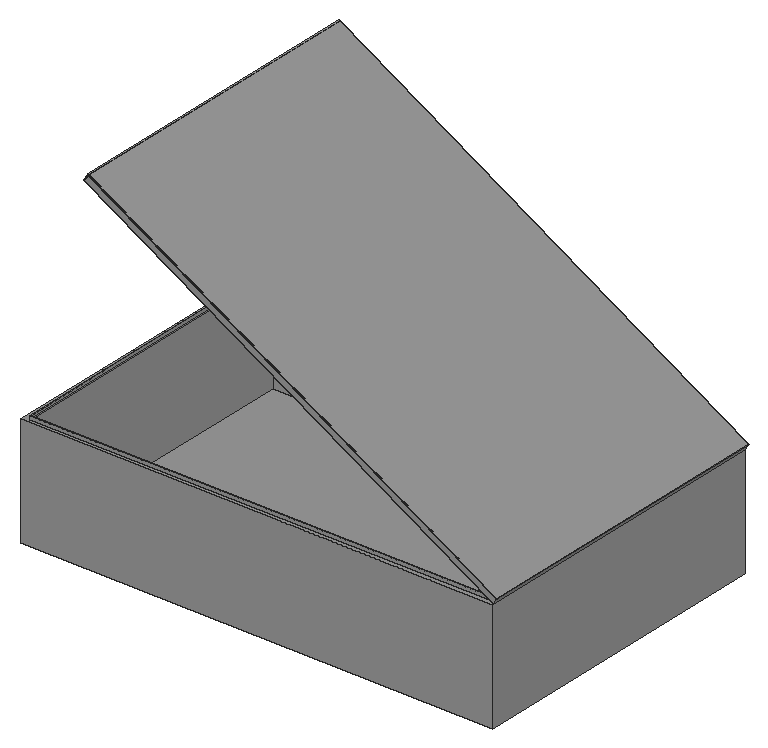
Revit family "Hager-Orion_Inox-IP55-D300-Cl.I-Inox_encl-630A-800mm-CH-de", category Electrical Equipment, host Face, Revit 2020
Family settings
  Host = Face
  Panel Configuration = Two Columns, Circuits Across
  Round Connector Dimension = Use Diameter
  Part Type = Panelboard
  Cut with Voids When Loaded = No
  Shared = No
  Room Calculation Point = No
Parameters (values of type "Aufputz IP55 B1200 H800 T300  - FL055BWL")
  Width Control [instance] = if([EF000008 - Breite] > Min Width, [EF000008 - Breite], Min Width)  # 1200 mm
  Type Comments = [HG000003 - Bereich]  # "Orion Inox"
  Thickness Door [instance] = if([EF009171 - Materialstärke Tür/Deckel] > 3 mm, 3 mm, [EF009171 - Materialstärke Tür/Deckel])  # 1.5 mm
  Seal Frame Offset [instance] = 17 mm  # constant formula
  Model = ""
  Min Width [instance] = 100 mm  # constant formula
  Min Height [instance] = 100 mm  # constant formula
  Min Depth [instance] = (2 * [EF009170 - Materialstärke Gehäuse]) + 1 mm  # 4 mm
  Internal Frame Depth [instance] = (Door System Depth * 0.5)  # 9 mm
  Height Control [instance] = if([EF000040 - Höhe] > Min Height, [EF000040 - Höhe], Min Height)  # 800 mm
  HG000027 - Sockelhöhe = 0 mm
  HG000026 - Stehend auf dem Boden = no
  HG000024 - Höhe des unteren Teils = 800 mm
  HG000023 - Gehäuse mit doppeltem Querschnitt = no
  HG000016 - 3D-Türsichtbarkeit [instance] = yes
  HG000015 - Sichtbarkeit der Türöffnung [instance] = no
  HG000014 - Tür rechts [instance] = yes
  HG000013 - Tür links [instance] = not([HG000014 - Tür rechts])  # no
  HG000012 - Türschwenkwinkel [instance] = 30.00°
  HG000010 - Asymmetrische Türen = no
  HG000009 - Doppelflügeligen Tür = no
  HG000006 - Unterputz = no
  HG000004 - Herstellerreferenz = "FL055BWL"
  HG000003 - Bereich = "Orion Inox"
  HG000002 - Mit tür = yes
  Frame Offset Bottom [instance] = 10 mm  # constant formula
  Frame Offset [instance] = 15 mm  # constant formula
  EF015940 - Deckel mit Überdruckentlastung = no
  EF011959 - Schutzart (NEMA) = ""
  EF009554 - Anzahl der Öffnungen für Flanschplatten = 0
  Manufacturer = "Hager"  # constant formula
  EF009212 - Ausführung Deckel = "EV000116 - geschlossen"
  EF009171 - Materialstärke Tür/Deckel = 1.5 mm
  EF009170 - Materialstärke Gehäuse = 1.5 mm
  EF008873 - Nennstrom (In) = 630 A
  EF007800 - Geeignet für Blitzschutz = no
  EF006306 - Mit Schloss = yes
  EF006244 - Transparenter Deckel/Tür = no
  EF005474 - Schutzart (IP) = "EV006420 - IP55"
  EF004464 - Art der Tür = "EV003602 - Doppel"
  EF004427 - Anzahl der Module = 0
  EF004293 - Schlagfestigkeit = "EV008784 - IK10"
  EF003532 - Geeignet für Außengebrauch = yes
  EF002950 - Breite in Teilungseinheiten = 0
  EF001613 - Funktionserhalt = "EV000494 - ohne"
  EF001596 - Werkstoff des Gehäuses = "EV000166 - rostfreier Stahl"
  EF001131 - Innentiefe = 266 mm
  EF001088 - Anbaumöglichkeit = yes
  EF000437 - Anzahl der Leitungseinführungen = 0
  EF000339 - Art der Abdeckung = "EV004216 - Tür"
  EF000266 - Anzahl der Reihen = 0
  EF000218 - Einbautiefe = 0 mm
  EF000118 - Mit Montageplatte = no
  EF000116 - RAL-Nummer = ""
  EF000049 - Tiefe = 300 mm
  EF000040 - Höhe = 800 mm
  EF000008 - Breite = 1200 mm
  EF000007 - Farbe = "EV000154 - sonstige"
  EF000003 - Montageart = "EV000384 - Aufputz"
  Door System Leaf Tolerance [instance] = 1.5 mm  # constant formula
  Door System Depth [instance] = 18 mm  # constant formula
  Depth Control [instance] = if([EF000049 - Tiefe] > Min Depth, [EF000049 - Tiefe], Min Depth)  # 300 mm
  Default Elevation = 0 mm
Types (4, lengths in mm): name | Width Control | HG000004 - Herstellerreferenz | EF000008 - Breite
  Aufputz IP55 B1000 H800 T300  - FL054BW | 1000 | "FL054BW" | 1000
  Aufputz IP55 B1000 H800 T300  - FL054BWL | 1000 | "FL054BWL" | 1000
  Aufputz IP55 B1200 H800 T300  - FL055BW | 1200 | "FL055BW" | 1200
  Aufputz IP55 B1200 H800 T300  - FL055BWL | 1200 | "FL055BWL" | 1200
Reference planes
  plane 1 "Center (Front/Back)": y = 0
  plane 2: z = 0
  plane 3 "Center (Left/Right)": x = 0
  plane 4: z = 300
  plane 5: y = 1.5
  plane 6: y = 400
  plane 7: y = 0
  plane 8: y = 800
  plane 9: z = 0
  plane 10: x = -585
  plane 11: x = 585
  plane 12: x = 583.5
  plane 13: x = -583.5
  plane 14: y = 798.5
  plane 15: x = -583
  plane 16: x = -600
  plane 17: x = 583
  plane 18: x = 600
  plane 19: x = 598.5
  plane 20: x = -598.5
  plane 21: y = 11.5
  plane 22: y = 800
  plane 23: y = 783.5
  plane 24: z = 282
  plane 25: z = 1.5
  plane 26: z = 280.5
  plane 27: z = 298.5
Forms (mm)
  Extrusion 1, solid, material "Hager_Stainless_Steel", detail levels medium+fine
    sketch origin (0, 0, 0) x (1, 0, 0) y (0, 1, 0)
      loop
        line (-600, 0) -> (600, 0) -> (600, 800) -> (-600, 800) -> (-600, 0)
    from 0 to 282
  Extrusion 2, solid, material "Hager_Steel_RAL 7035_Light_Grey", not visible, detail levels medium+fine
    sketch origin (0, 28.16, 50.802) x (0, 1, 0) y (0, 0, 1)
      loop
        line (423.34, -50.802) -> (423.34, 237.698)
        arc (423.34, 237.698) -> (420.411, 244.769) -> (413.34, 247.698) r 10
        line (413.34, 247.698) -> (383.34, 247.698) -> (383.34, -50.802) -> (423.34, -50.802)
    from -598.5 to 598.5
  Extrusion 3, void
    sketch origin (0, 0, 0) x (1, 0, 0) y (0, 1, 0)
      loop
        line (-598.5, 1.5) -> (598.5, 1.5) -> (598.5, 798.5) -> (-598.5, 798.5) -> (-598.5, 1.5)
    from 1.5 to 280.5
  Extrusion 4, void
    sketch origin (-381.607, -4572, 282) x (0, -1, 0) y (-1, 0, 0)
      loop
        line (-4583.5, 201.893) -> (-5355.5, 201.893) -> (-5355.5, -965.107) -> (-4583.5, -965.107) -> (-4583.5, 201.893)
    from 0 to 1.5 <- "EF009170 - Materialstärke Gehäuse"
  Extrusion 5, solid, material "Hager_Stainless_Steel", detail levels fine
    sketch origin (-381.607, -4572, 282) x (-1, 0, 0) y (0, -1, 0)
      loop
        line (201.893, -4583.5) -> (-965.107, -4583.5) -> (-965.107, -5355.5) -> (201.893, -5355.5) -> (201.893, -4583.5)
      loop
        line (202.893, -4582) -> (-966.107, -4582) -> (-966.107, -5357) -> (202.893, -5357) -> (202.893, -4582)
    from 0 to 9 <- "Internal Frame Depth"
  Extrusion 6, solid, material "Hager_Stainless_Steel", detail levels coarse
    sketch origin (0, 0, 0) x (1, 0, 0) y (0, 1, 0)
      loop
        line (-600, 0) -> (600, 0) -> (600, 800) -> (-600, 800) -> (-600, 0)
    from 0 to 300
Cuts and joins
  Extrusion 3, Extrusion 4 cuts Extrusion 1
Lines and regions (mm)
  Masking region 1
    outline origin (0, 0, 0) x (1, 0, 0) y (0, 0, 1)
      loop
        line (-600, 300) -> (-600, 0) -> (600, 0) -> (600, 300) -> (-600, 300)
  Masking region 2, detail levels medium+fine
    outline origin (0, 140, 0) x (0, 1, 0) y (0, 0, 1)
      loop
        line (-140, 0) -> (660, 0) -> (660, 282) -> (-140, 282) -> (-140, 0)
  Masking region 3, not visible, detail levels medium+fine
    outline origin (0, 297.922, 0) x (0, 1, 0) y (0, 0, 1)
      loop
        line (113.578, 0) -> (153.578, 0) -> (153.578, 288.5)
        arc (153.578, 288.5) -> (150.649, 295.571) -> (143.578, 298.5) r 10
        line (143.578, 298.5) -> (113.578, 298.5) -> (113.578, 0)
  Masking region 4, detail levels coarse
    outline origin (0, 0, 180) x (0, 1, 0) y (0, 0, 1)
      loop
        line (0, -180) -> (800, -180) -> (800, 120) -> (0, 120) -> (0, -180)
  Masking region 5
    outline origin (-381.607, -4572, 282) x (-1, 0, 0) y (0, -1, 0)
      loop
        line (218.393, -5372) -> (218.393, -4572) -> (-981.607, -4572) -> (-981.607, -5372) -> (218.393, -5372)
Dimensions and locks
  "Depth Control": plane 4 to host face
  "EF009170 - Materialstärke Gehäuse": plane 5 to plane 7
  locked: connector elem to plane 3 "Center (Left/Right)"
  equal spacing: plane 8, plane 6, plane 7
  locked: connector elem to plane 6
  "EF009170 - Materialstärke Gehäuse": plane 8 to plane 14
  "EF009170 - Materialstärke Gehäuse": plane 10 to plane 13
  "EF009170 - Materialstärke Gehäuse": plane 12 to plane 11
  "Frame Offset": plane 20 to plane 13
  "Frame Offset": plane 12 to plane 19
  "EF009170 - Materialstärke Gehäuse": plane 16 to plane 20
  "EF009170 - Materialstärke Gehäuse": plane 19 to plane 18
  "Seal Frame Offset": plane 16 to plane 15
  "Seal Frame Offset": plane 17 to plane 18
  "Frame Offset Bottom": plane 21 to plane 5
  "Frame Offset": plane 14 to plane 23
  equal spacing: plane 16, plane 3 "Center (Left/Right)", plane 18
  "Width Control": plane 16 to plane 18
  "EF009170 - Materialstärke Gehäuse": plane 4 to plane 27
  "EF009170 - Materialstärke Gehäuse": plane 24 to plane 26
  "EF009170 - Materialstärke Gehäuse": plane 25 to level
  "Door System Depth": plane 4 to plane 24
  "Height Control": plane 1 "Center (Front/Back)" to Extrusion 6 sketch curve
  "Height Control": Masking region 4 sketch curve to plane 1 "Center (Front/Back)"
  "Thickness Door": Extrusion 5 sketch curve to plane 15
  "Thickness Door": plane 21 to Extrusion 5 sketch curve
  "Thickness Door": plane 17 to Extrusion 5 sketch curve
  "Thickness Door": Extrusion 5 sketch curve to plane 23
  "Height Control": plane 1 "Center (Front/Back)" to plane 22
  radius of Masking region 3 sketch curve = 10 mm
  radius of Extrusion 2 sketch curve = 10 mm
  aligned and locked: plane 2 to host face
  aligned and locked: level to host face
  aligned and locked: level to Masking region 1 sketch curve
  aligned and locked: Masking region 1 sketch curve to plane 18
  aligned and locked: Masking region 1 sketch curve to plane 16
  aligned and locked: plane 7 to Masking region 2 sketch curve
  aligned and locked: level to Masking region 3 sketch curve
  aligned and locked: Masking region 3 sketch curve to plane 27
  aligned and locked: level to Masking region 2 sketch curve
  aligned and locked: Extrusion 1 sketch curve to plane 7
  aligned and locked: plane 16 to Extrusion 1 sketch curve
  aligned and locked: plane 18 to Extrusion 1 sketch curve
  aligned and locked: Extrusion 2 sketch curve to level
  aligned and locked: plane 27 to Extrusion 2 sketch curve
  aligned and locked: plane 20 to Extrusion 2
  aligned and locked: plane 19 to Extrusion 2
  aligned and locked: plane 20 to Extrusion 3 sketch curve
  aligned and locked: plane 19 to Extrusion 3 sketch curve
  aligned and locked: Extrusion 3 sketch curve to plane 5
  aligned and locked: Extrusion 3 to plane 25
  aligned and locked: plane 26 to Extrusion 3
  aligned and locked: plane 24 to Extrusion 1
  aligned and locked: Extrusion 4 sketch curve to plane 21
  aligned and locked: Extrusion 4 sketch curve to plane 13
  aligned and locked: Extrusion 4 sketch curve to plane 12
  aligned and locked: plane 18 to Extrusion 6 sketch curve
  aligned and locked: plane 1 "Center (Front/Back)" to Extrusion 6 sketch curve
  aligned and locked: plane 16 to Extrusion 6 sketch curve
  aligned and locked: plane 4 to Extrusion 6
  aligned and locked: Extrusion 6 to level
  aligned and locked: level to Masking region 4 sketch curve
  aligned and locked: Masking region 4 sketch curve to plane 1 "Center (Front/Back)"
  aligned and locked: Masking region 4 sketch curve to plane 4
  aligned and locked: nested 1 to level
  aligned and locked: nested 1 to plane 16
  aligned and locked: Extrusion 1 sketch curve to plane 8
  aligned and locked: Extrusion 4 sketch curve to plane 23
  aligned and locked: Extrusion 3 sketch curve to plane 14
  aligned and locked: Extrusion 5 sketch curve to plane 21
  aligned and locked: plane 13 to Extrusion 5 sketch curve
  aligned and locked: Extrusion 5 sketch curve to plane 23
  aligned and locked: plane 12 to Extrusion 5 sketch curve
  aligned and locked: Masking region 2 sketch curve to plane 8
  aligned and locked: Masking region 2 sketch curve to plane 24
  aligned and locked: nested 2 to plane 3 "Center (Left/Right)"
  aligned and locked: nested 2 to plane 24
  aligned and locked: Masking region 5 sketch curve to plane 1 "Center (Front/Back)"
  aligned and locked: Masking region 5 sketch curve to plane 18
  aligned and locked: Masking region 5 sketch curve to plane 22
  aligned and locked: Masking region 5 sketch curve to plane 16
  aligned and locked: plane 8 to plane 22
  aligned and locked: plane 7 to plane 1 "Center (Front/Back)"
  aligned and locked: nested 2 to plane 1 "Center (Front/Back)"
Automatic sketch dimensions
  host sketch curve to host sketch curve = 1469.727 mm
  host sketch curve to host sketch curve = 2116.445 mm
  plane 6 to Masking region 3 sketch curve = 11.5 mm
  Masking region 3 sketch curve to Masking region 3 sketch curve = 30 mm
  plane 6 to Extrusion 2 sketch curve = 11.5 mm
  Extrusion 2 sketch curve to Extrusion 2 sketch curve = 30 mm
  Masking region 1 sketch curve to plane 4 = 0 mm
Nested families
  nested 1: "Hager_Enclosure_Symbol" at (-600, 0, 0) x (1, 0, 0) z (0, -1, 0), Height <- "Depth Control", Width <- "Width Control", type "Hager_Enclosure_Symbol"
    with Width_Ctrl 1200 mm, Width 1200 mm, Height_Ctrl 300 mm, Height 300 mm, A_Width_Int 19.688 mm, A_Width 236.25 mm, A_Height_Ctrl 262.5 mm, A_Height 262.5 mm
  nested 2: "EC000058_OrionInox_Door" at (0, 800, 282) x (1, 0, 0) z (0, -1, 0), Leaf_Tolerance <- "Door System Leaf Tolerance", Angle <- "HG000012 - Türschwenkwinkel", Door_Depth <- "Door System Depth", Door_Left <- "HG000013 - Tür links", Transparent <- "EF006244 - Transparenter Deckel/Tür", Assymetrical <- "HG000010 - Asymmetrische Türen", Width <- "Width Control", Clearance <- "HG000015 - Sichtbarkeit der Türöffnung", Double <- "HG000009 - Doppelflügeligen Tür", 3d_Door <- "HG000016 - 3D-Türsichtbarkeit", Width_Ctrl <- "Width Control", Door_Right <- "HG000014 - Tür rechts", Door <- "HG000002 - Mit tür", Height <- "Height Control", Thickness <- "Thickness Door", type "EC000058_OrionInox_Door", detail levels medium+fine
    with min_wh 4 mm, Width_Ctrl 1200 mm, Width 1200 mm, Transparent no, Thickness 1.5 mm, Seal_Material Hager_Rubber, Leaf_Width 1200 mm, Leaf_Tolerance_External_Sides 0 mm, Leaf_Tolerance 1.5 mm, Leaf_Offset 0 mm, Leaf_Height 797 mm, Leaf_2_Width 1200 mm, Leaf_2_Offset 600 mm, Leaf_1_Width 1200 mm, Leaf_1_Offset 600 mm, Height_Ctrl 800 mm, Height 800 mm, Glass_Material Hager_Glass, Double_Clearance_Ctrl no, Double no, Door_Right_Ctrl yes, Door_Right yes, Door_Material Hager_Stainless_Steel, Door_Left_Ctrl no, Door_Left no, Door_Depth 18 mm, Door yes, Clearance_Material Hager_Clearance, Clearance_Depth 1200 mm, Clearance_Ctrl no, Clearance no, Assymetrical no, Angle 30.00°, 3d_Door yes
Connectors
  electrical at (0, 400, 0)
    settings: on plane 9, index 1, voltage 0 V, apparent load 0 VA, apparent load phase1 0 VA, apparent load phase2 0 VA, apparent load phase3 0 VA, power factor 1, load classification "Other", number of poles 1, system type 30, power factor state 1, is connector primary yes, connector utility no, sub classification motor no, connector description ""
Definition of nested family "EC000058_OrionInox_Door"
  Parameters (values of type "EC000058_OrionInox_Door")
    min_wh [instance] = (2 * Thickness) + 1 mm  # 11 mm
    Width_Ctrl [instance] = 400 mm
    Width [instance] = 500 mm
    Transparent [instance] = yes
    Thickness [instance] = 5 mm
    Seal_Material [instance] = none
    Leaf_Width [instance] = if((Width_Ctrl - 2 * Leaf_Tolerance_External_Sides) > 0 mm, (Width_Ctrl - 2 * Leaf_Tolerance_External_Sides), min_wh)  # 400 mm
    Leaf_Tolerance_External_Sides [instance] = 0 mm  # constant formula
    Leaf_Tolerance [instance] = 1.5 mm
    Leaf_Offset [instance] = 0 mm  # constant formula
    Leaf_Height [instance] = if((Height_Ctrl - 2 * Leaf_Tolerance) > 0 mm, (Height_Ctrl - 2 * Leaf_Tolerance), min_wh)  # 497 mm
    Leaf_2_Width [instance] = if(and(and(Double, Assymetrical), Door_Left), (Leaf_Width / 3) - (Leaf_Tolerance / 2), if(and(and(Double, Assymetrical), Door_Right), (Leaf_Width / 3) * 2 - (Leaf_Tolerance / 2), if(and(Double, not(Assymetrical)), (Leaf_Width / 2) - Leaf_Tolerance, Leaf_Width)))  # 400 mm
    Leaf_2_Offset [instance] = if(and(Double, Assymetrical), Leaf_2_Width / 2, if(and(Double, not(Assymetrical)), Leaf_Width / 4, Leaf_Width / 2))  # 200 mm
    Leaf_1_Width [instance] = if(and(and(Double, Assymetrical), Door_Right), (Leaf_Width / 3) - (Leaf_Tolerance / 2), if(and(and(Double, Assymetrical), Door_Left), (Width / 3) * 2 - (Leaf_Tolerance / 2), if(and(Double, not(Assymetrical)), (Leaf_Width / 2) - Leaf_Tolerance, Leaf_Width)))  # 400 mm
    Leaf_1_Offset [instance] = if(and(Double, Assymetrical), Leaf_1_Width / 2, if(and(Double, not(Assymetrical)), Leaf_Width / 4, Leaf_Width / 2))  # 200 mm
    Height_Ctrl [instance] = if(Height > min_wh, Height, min_wh)  # 500 mm
    Height [instance] = 500 mm
    Glass_Material [instance] = none
    Double_Clearance_Ctrl [instance] = and(Double, Clearance)  # no
    Double [instance] = no
    Door_Right_Ctrl [instance] = and(or(Door_Right, Double), Door)  # yes
    Door_Right [instance] = yes
    Door_Material [instance] = none
    Door_Left_Ctrl [instance] = and(or(Door_Left, Double), Door)  # no
    Door_Left [instance] = no
    Door_Depth [instance] = 30 mm
    Door [instance] = yes
    Default Elevation = 1219.2 mm
    Clearance_Material [instance] = none
    Clearance_Depth [instance] = if(Leaf_1_Width > Leaf_2_Width, Leaf_1_Width, Leaf_2_Width)  # 400 mm
    Clearance_Ctrl [instance] = and(not(Double), Clearance)  # yes
    Clearance [instance] = yes
    Assymetrical [instance] = yes
    Angle [instance] = 30.00°
    3d_Door [instance] = yes
  Reference planes
    plane 1 "Center (Front/Back)": y = 0
    plane 2 "Bottom": z = 0
    plane 3 "Center (Left/Right)": x = 0
    plane 4: z = 500
    plane 5: x = -200
    plane 6: x = 200
    plane 7: z = 500
    plane 8: x = -200
    plane 9: z = 0
    plane 10: x = 200
    plane 11: y = 0
    plane 12: z = 1.5
    plane 13: x = -600
    plane 14: y = -400
    plane 15: x = 600
    plane 16: x = 0
    plane 17: x = 0
    plane 18: x = -200
    plane 19: x = 200
    plane 20: z = 498.5
  Forms (mm)
    Extrusion 1, solid, material <- "Clearance_Material", visible <- "Double_Clearance_Ctrl"
      sketch origin (1200, 0, 0) x (1, 0, 0) y (0, 0, -1)
        loop
          line (-1800, -498.5) -> (-600, -498.5) -> (-600, 0) -> (-1800, 0) -> (-1800, -498.5)
      from 0 to -400
  Dimensions and locks
    equal spacing: plane 5, plane 3 "Center (Left/Right)", plane 6
    "Width_Ctrl": plane 5 to plane 6
    "Leaf_Offset": plane 5 to plane 8
    "Leaf_Offset": plane 6 to plane 10
    "Leaf_Offset": plane 9 to level
    "Leaf_Offset": plane 4 to plane 7
    "Height_Ctrl": plane 4 to level
    "Leaf_Tolerance": plane 12 to plane 9
    locked: plane 11 to plane 1 "Center (Front/Back)"
    "Leaf_1_Offset": plane 18 to plane 16
    "Leaf_2_Offset": plane 17 to plane 19
    "Leaf_1_Width": plane 13 to plane 8
    "Leaf_2_Width": plane 10 to plane 15
    "Clearance_Depth": plane 14 to plane 1 "Center (Front/Back)"
    "Leaf_Tolerance_External_Sides": plane 8 to plane 18
    "Leaf_Tolerance_External_Sides": plane 19 to plane 10
    "Leaf_Tolerance": plane 7 to plane 20
    aligned and locked: level to plane 2 "Bottom"
    aligned and locked: nested 1 to plane 16
    aligned and locked: nested 2 to plane 17
    aligned and locked: Extrusion 1 to plane 13
    aligned and locked: plane 15 to Extrusion 1
    aligned and locked: Extrusion 1 to plane 14
    aligned and locked: plane 12 to nested 1
    aligned and locked: nested 2 to plane 12
    aligned and locked: Extrusion 1 to plane 11
    aligned and locked: plane 20 to Extrusion 1
    aligned and locked: nested 2 to plane 11
    aligned and locked: nested 1 to plane 11
  Automatic sketch dimensions
    Extrusion 1 sketch curve to level = 0 mm
    plane 5 to Extrusion 1 sketch curve = 400 mm
    plane 6 to Extrusion 1 sketch curve = 400 mm
    Extrusion 1 sketch curve to plane 4 = 1.5 mm
  Nested families
    nested 1: "EC000058_OrionInox_Door_Leaf" at (0, 0, 1.5), Width <- "Leaf_1_Width", visible <- "Door_Left_Ctrl", Leaf_Height <- "Leaf_Height", Angle <- "Angle", 3d_Door <- "3d_Door", Transparent <- "Transparent", Clearance Material <- "Clearance_Material", Clearance <- "Clearance_Ctrl", Door_Material <- "Door_Material", Glass_Material <- "Glass_Material", Door_Depth <- "Door_Depth", Seal_Material <- "Seal_Material", Thickness <- "Thickness", type "EC000058_OrionInox_Door_Leaf"
      with Width 400 mm, Transparent_Ctrl yes, Transparent yes, Thickness 5 mm, Standard no, Seal_Material none, Seal_D2 8 mm, Seal_D1 1 mm, Offset_Internal_Frame 10 mm, Lock_Width 28 mm, Lock_Thickness 2 mm, Lock_Radius 6 mm, Leaf_Height 497 mm, Internal_Seal_Thickness 8 mm, Internal_Seal_Depth_2 4.5 mm, Internal_Frame_Depth 25 mm, Glass_Thickness -1 mm, Glass_Offset -2 mm, Glass_Material none, Door_Material none, Door_Depth 30 mm, Clearance Material none, Clearance yes, Angle_Ctrl 30.00°, Angle 30.00°, 3d_Door yes
    nested 2: "EC000058_OrionInox_Door_Leaf" at (0, 0, 1.5) x (-1, 0, 0) z (0, 0, 1), Width <- "Leaf_2_Width", visible <- "Door_Right_Ctrl", Leaf_Height <- "Leaf_Height", Angle <- "Angle", 3d_Door <- "3d_Door", Transparent <- "Transparent", Clearance Material <- "Clearance_Material", Clearance <- "Clearance_Ctrl", Door_Material <- "Door_Material", Glass_Material <- "Glass_Material", Door_Depth <- "Door_Depth", Seal_Material <- "Seal_Material", Thickness <- "Thickness", type "EC000058_OrionInox_Door_Leaf"
      with Width 400 mm, Transparent_Ctrl yes, Transparent yes, Thickness 5 mm, Standard no, Seal_Material none, Seal_D2 8 mm, Seal_D1 1 mm, Offset_Internal_Frame 10 mm, Lock_Width 28 mm, Lock_Thickness 2 mm, Lock_Radius 6 mm, Leaf_Height 497 mm, Internal_Seal_Thickness 8 mm, Internal_Seal_Depth_2 4.5 mm, Internal_Frame_Depth 25 mm, Glass_Thickness -1 mm, Glass_Offset -2 mm, Glass_Material none, Door_Material none, Door_Depth 30 mm, Clearance Material none, Clearance yes, Angle_Ctrl 30.00°, Angle 30.00°, 3d_Door yes
  Definition of nested family "EC000058_OrionInox_Door_Leaf"
    Parameters (values of type "EC000058_OrionInox_Door_Leaf")
      Width [instance] = 450 mm
      Transparent_Ctrl [instance] = and(Transparent, [3d_Door])  # yes
      Transparent [instance] = yes
      Thickness [instance] = 5 mm
      Standard [instance] = and(not(Transparent), [3d_Door])  # no
      Seal_Material [instance] = none
      Seal_D2 [instance] = 8 mm  # constant formula
      Seal_D1 [instance] = 1 mm  # constant formula
      Offset_Internal_Frame [instance] = 10 mm  # constant formula
      Lock_Width [instance] = Door_Depth - Lock_Thickness  # 28 mm
      Lock_Thickness [instance] = 2 mm  # constant formula
      Lock_Radius [instance] = 6 mm  # constant formula
      Leaf_Height [instance] = 450 mm
      Internal_Seal_Thickness [instance] = 8 mm  # constant formula
      Internal_Seal_Depth_2 [instance] = 4.5 mm  # constant formula
      Internal_Frame_Depth [instance] = if(Door_Depth - Thickness > 5 mm, Door_Depth - Thickness, 5 mm)  # 25 mm
      Glass_Thickness [instance] = if(Thickness > 15 mm, Glass_Offset + 10 mm, -1 mm)  # -1 mm
      Glass_Offset [instance] = if(Thickness > 15 mm, -(Thickness + 10 mm) / 2, -2 mm)  # -2 mm
      Glass_Material [instance] = none
      Door_Material [instance] = none
      Door_Depth [instance] = 30 mm
      Default Elevation = 0 mm
      Clearance Material [instance] = none
      Clearance [instance] = yes
      Angle_Ctrl [instance] = if(Angle > 180.00°, 180.00°, Angle)  # 90.00°
      Angle [instance] = 90.00°
      3d_Door [instance] = yes
    Reference planes
      plane 1 "Center (Front/Back)": y = 0
      plane 2: z = 0
      plane 3 "Center (Left/Right)": x = 0
      plane 4: y = 450
      plane 5: x = -225
      plane 6: x = 225
      plane 7: x = -675
      plane 8: z = 450
      plane 9: z = 30
      plane 10: z = 420
      plane 11: x = 195
      plane 12: x = -195
      plane 13: y = -3
      plane 14: z = 107.833
      plane 15: y = -5
      plane 16: y = -223.314
      plane 17: x = -225
      plane 18: y = 30
    Forms (mm)
      Extrusion 1, solid, material <- "Clearance Material", visible <- "Clearance"
        sketch origin (0, 0, 0) x (1, 0, 0) y (0, 0, 1)
          loop
            line (-675, 450) -> (-675, 0) -> (225, 0) -> (225, 450) -> (-675, 450)
        from 0 to -450
      Extrusion 2, solid, material <- "Door_Material", visible <- "Standard", detail levels medium+fine
        sketch origin (-225, 0, 0) x (0, 1, 0) y (-1, 0, 0)
          loop
            line (0, 30) -> (0, 25) -> (450, 25) -> (450, 30) -> (0, 30)
        from 0 to 450 <- "Leaf_Height"
      Extrusion 3, solid, material <- "Door_Material", visible <- "Transparent_Ctrl", detail levels medium+fine
        sketch origin (-225, 0, 0) x (0, 1, 0) y (-1, 0, 0)
          loop
            line (0, 25) -> (450, 25) -> (450, 30) -> (0, 30) -> (0, 25)
        from 0 to 450 <- "Leaf_Height"
      Extrusion 4, void
        sketch origin (-250, 450, 0) x (0, 1, 0) y (0, 0, -1)
          loop
            line (-30, -420) -> (-30, -30) -> (-420, -30) -> (-420, -420) -> (-30, -420)
        from 0 to 5 <- "Thickness"
      Sweep 5, solid, material <- "Seal_Material", visible <- "Transparent_Ctrl", detail levels fine
        path in 3D
          loop
            line (-250, 30, 30) -> (-250, 30, 420) -> (-250, 420, 420) -> (-250, 420, 30) -> (-250, 30, 30)
        profile origin (-250, 225, 30) x (1, 0, 0) y (0, 0, 1)
          loop
            line (0, 0) -> (0, -8) -> (1, -8) -> (1, 0) -> (0, 0)
      Extrusion 6, solid, material <- "Glass_Material", visible <- "Transparent_Ctrl", detail levels medium+fine
        sketch origin (-255, 0, 0) x (0, 1, 0) y (0, 0, -1)
          loop
            line (420, -420) -> (420, -30) -> (30, -30) -> (30, -420) -> (420, -420)
        from -2 <- "Glass_Offset" to -1 <- "Glass_Thickness"
      Extrusion 7, solid, material <- "Door_Material", visible <- "3d_Door", detail levels medium+fine
        sketch origin (-250, 450, 0) x (0, -1, 0) y (0, 0, -1)
          loop
            line (0, -450) -> (450, -450) -> (450, 0) -> (0, 0) -> (0, -450)
          loop
            line (445, -5) -> (5, -5) -> (5, -445) -> (445, -445) -> (445, -5)
        from 0 to 25 <- "Internal_Frame_Depth"
      Sweep 8, solid, material <- "Seal_Material", visible <- "Transparent_Ctrl", detail levels fine
        path in 3D
          loop
            line (-250, 0, 0) -> (-250, 450, 0) -> (-250, 450, 450) -> (-250, 0, 450) -> (-250, 0, 0)
        profile origin (-250, 0, 225) x (1, 0, 0) y (0, 1, 0)
          loop
            line (0, 10) -> (2.975, 10)
            arc (2.975, 10) -> (4.053, 10.447) -> (4.5, 11.525) r 1.525
            line (4.5, 11.525) -> (4.5, 16.527)
            arc (4.5, 16.527) -> (4.069, 17.569) -> (3.027, 18) r 1.473
            line (3.027, 18) -> (0, 18) -> (0, 10)
    Cuts and joins
      Extrusion 4 cuts Extrusion 3
    Lines and regions (mm)
      Masking region 1, detail levels medium+fine
        outline origin (0, 0, 0) x (0, 1, 0) y (0, 0, 1)
          loop
            line (0, 0) -> (30, 0) -> (30, 450) -> (0, 450) -> (0, 0)
      Masking region 2, detail levels medium+fine
        outline origin (0, 0, 0) x (1, 0, 0) y (0, 0, 1)
          loop
            line (-225, 450) -> (-225, 0) -> (225, 0) -> (225, 450) -> (-225, 450)
      symbolic lines
        curve 1: line (225, 0, 0) -> (-675, 0, 0)
        curve 2: arc (225, 0, 0) -> (-225, 450, 0) -> (-675, 0, 0) r 450
        curve 4: line (-255, 0, 0) -> (-255, 450, 0)
      reference lines
        curve 3: line (-225, 0, 0) -> (-225, 450, 0)
      symbolic lines, detail levels medium+fine
        curve 5: line (-255, 450, 0) -> (-250, 450, 0)
        curve 7: line (-250, 0, 0) -> (-255, 0, 0)
        curve 8: line (-250, 0, 0) -> (-225, 0, 0)
        curve 9: line (-225, 0, 0) -> (-225, 450, 0)
        curve 10: line (-225, 450, 0) -> (-250, 450, 0)
      symbolic lines, detail levels fine
        curve 6: line (-250, 450, 0) -> (-250, 0, 0)
      sketch lines
        curve 11: line (-250, 0, 450) -> (-250, 0, 0)
        curve 12: line (-250, 450, 0) -> (-250, 0, 0)
        curve 13: line (-250, 450, 450) -> (-250, 450, 0)
        curve 14: line (-250, 0, 450) -> (-250, 450, 450)
        curve 15: line (-250, 420, 30) -> (-250, 30, 30)
        curve 16: line (-250, 30, 30) -> (-250, 30, 420)
        curve 17: line (-250, 420, 420) -> (-250, 420, 30)
        curve 18: line (-250, 30, 420) -> (-250, 420, 420)
      symbolic lines, visible <- "Transparent", detail levels medium+fine
        curve 19: line (-195, 0, 420) -> (195, 0, 420)
        curve 20: line (-195, 0, 30) -> (-195, 0, 420)
        curve 21: line (195, 0, 30) -> (-195, 0, 30)
        curve 22: line (195, 0, 420) -> (195, 0, 30)
    Dimensions and locks
      "Width": plane 1 "Center (Front/Back)" to plane 4
      equal spacing: plane 5, plane 3 "Center (Left/Right)", plane 6
      "Width": plane 5 to plane 6
      "Width": plane 7 to plane 5
      "Leaf_Height": plane 8 to level
      "Width": curve 5 to curve 3
      "Width": curve 3 to curve 3
      plane 8 to plane 10 = 30 mm
      plane 9 to level = 30 mm
      plane 12 to plane 5 = 30 mm
      plane 6 to plane 11 = 30 mm
      Extrusion 4 sketch curve to Extrusion 3 = 30 mm
      Extrusion 3 to Extrusion 4 sketch curve = 30 mm
      Extrusion 1 to Extrusion 4 sketch curve = 30 mm
      curve 3 to Extrusion 4 sketch curve = 30 mm
      Extrusion 4 sketch curve to cut or joined group of Extrusion 3, Extrusion 4 = 30 mm
      cut or joined group of Extrusion 3, Extrusion 4 to Extrusion 6 sketch curve = 30 mm
      cut or joined group of Extrusion 3, Extrusion 4 to Extrusion 4 sketch curve = 30 mm
      "Thickness": curve 6 to curve 4
      "Thickness": Extrusion 7 sketch curve to Extrusion 7 sketch curve  (x4)
      "Door_Depth": curve 4 to curve 3
      "Offset_Internal_Frame": profile plane to Sweep 8 sketch curve
      "Internal_Seal_Thickness": Sweep 8 sketch curve to Sweep 8 sketch curve
      "Internal_Seal_Depth_2": profile plane to Sweep 8 sketch curve
      "Seal_D1": profile plane to Sweep 5 sketch curve
      "Seal_D2": profile plane to Sweep 5 sketch curve
      "Thickness": Extrusion 2 sketch curve to Extrusion 2 sketch curve
      "Door_Depth": plane 18 to plane 1 "Center (Front/Back)"
      radius of Sweep 8 sketch curve = 1.525 mm
      radius of Sweep 8 sketch curve = 1.473 mm
      "Angle_Ctrl": angle plane 1 "Center (Front/Back)" to curve 3
      aligned and locked: level to plane 2
      aligned and locked: Extrusion 1 to curve 1
      aligned and locked: plane 6 to Extrusion 1
      aligned and locked: plane 1 "Center (Front/Back)" to Extrusion 1
      aligned and locked: plane 4 to Extrusion 1
      aligned and locked: plane 8 to Extrusion 1
      aligned and locked: curve 7 to Extrusion 2 sketch curve
      aligned and locked: curve 5 to Extrusion 2 sketch curve
      aligned and locked: curve 7 to Extrusion 3 sketch curve
      aligned and locked: Extrusion 3 sketch curve to curve 4
      aligned and locked: Extrusion 3 sketch curve to curve 6
      aligned and locked: Extrusion 3 sketch curve to curve 5
      aligned and locked: curve 9 to curve 3
      aligned and locked: Extrusion 7 sketch curve to cut or joined group of Extrusion 3, Extrusion 4  (x4)
      aligned and locked: plane 17 to curve 3
      aligned and locked: plane 1 "Center (Front/Back)" to curve 3
      aligned and locked: plane 17 to plane 5
      aligned and locked: Sweep 8 sketch curve to profile plane
      aligned and locked: Sweep 5 sketch curve to profile plane  (x2)
      aligned and locked: plane 1 "Center (Front/Back)" to Masking region 1 sketch curve
      aligned and locked: plane 18 to Masking region 1 sketch curve
      aligned and locked: level to Masking region 1 sketch curve
      aligned and locked: Masking region 1 sketch curve to plane 8
      aligned and locked: plane 17 to Masking region 2 sketch curve
      aligned and locked: level to Masking region 2 sketch curve
      aligned and locked: Masking region 2 sketch curve to plane 8
      aligned and locked: plane 12 to curve 20
      aligned and locked: plane 10 to curve 19
      aligned and locked: plane 11 to curve 22
      aligned and locked: plane 9 to curve 21
      aligned and locked: Extrusion 2 sketch curve to cut or joined group of Extrusion 3, Extrusion 4
    Automatic sketch dimensions
      plane 1 "Center (Front/Back)" to curve 2 = 0 mm
      curve 2 to plane 5 = 0 mm
      Extrusion 1 sketch curve to level = 0 mm
      Extrusion 1 sketch curve to plane 7 = 0 mm
      Extrusion 1 sketch curve to plane 6 = 0 mm
      Extrusion 1 sketch curve to plane 8 = 0 mm
      Extrusion 3 to Extrusion 6 sketch curve = 30 mm  (x4)
      Masking region 2 sketch curve to plane 6 = 0 mm
      curve 4 to curve 3 = 0 mm
Definition of nested family "Hager_Enclosure_Symbol"
  Parameters (values of type "Hager_Enclosure_Symbol")
    Width_Ctrl [instance] = if(Width > 1 mm, Width, 1 mm)  # 102.27 mm
    Width [instance] = 102.27 mm
    Height_Ctrl [instance] = if(Height > 1 mm, Height, 1 mm)  # 66.5 mm
    A_Width_Int [instance] = if(A_Width / 12 > 2 mm, A_Width / 12, 2 mm)  # 4.364 mm
    A_Width [instance] = if(A_Height_Ctrl * 0.9 > 2 mm, A_Height_Ctrl * 0.9, 2 mm)  # 52.369 mm
    A_Height_Ctrl [instance] = if(A_Height > 2 mm, A_Height, 2 mm)  # 58.188 mm
    Height [instance] = 66.5 mm
    A_Height [instance] = Height - (Height / 8)  # 58.188 mm
  Reference planes
    plane 1 "Centre (avant/arrière)": y = 0
    plane 2: z = 0
    plane 3 "Centre (gauche/droite)": x = 0
    plane 4: x = 52.369
    plane 5: y = 33.042
    plane 6: y = 41.77
    plane 7: y = 66.5
    plane 8: x = 26.184
    plane 9: y = 37.406
    plane 10: x = 102.27
    plane 11: y = 66.5
    plane 12: y = 8.313
  Lines and regions (mm)
    Filled region 1, type "Solid_Black", in view "Niveau de réf."
      outline origin (0, 0, 0) x (1, 0, 0) y (0, 1, 0)
        loop
          line (52.369, 66.5) -> (33.188, 54.536) -> (45.365, 45.006) -> (52.369, 66.5)
    Filled region 2, type "Solid_Black", in view "Niveau de réf."
      outline origin (0, 0, 0) x (1, 0, 0) y (0, 1, 0)
        loop
          line (0, 0) -> (102.27, 0) -> (102.27, 66.5) -> (0, 0)
    detail lines, in view "Niveau de réf."
      curve 1: line (0, 8.313, 0) -> (26.184, 41.77, 0)
      curve 2: line (26.184, 41.77, 0) -> (26.184, 33.042, 0)
      curve 3: line (26.184, 33.042, 0) -> (52.369, 66.5, 0)
  Dimensions and locks
    "A_Width": plane 3 "Centre (gauche/droite)" to plane 4
    equal spacing: plane 3 "Centre (gauche/droite)", plane 8, plane 4
    equal spacing: plane 6, plane 9, plane 5
    equal spacing: curve 3, Filled region 1 sketch curve, Filled region 1 sketch curve
    "Height_Ctrl": plane 1 "Centre (avant/arrière)" to plane 11
    "A_Height_Ctrl": plane 11 to plane 12
    equal spacing: plane 11, plane 9, plane 12
    "A_Width_Int": plane 6 to plane 9
    "Width_Ctrl": plane 3 "Centre (gauche/droite)" to plane 10
    angle Filled region 1 sketch curve to curve 3 = 20.00°
    angle curve 3 to Filled region 1 sketch curve = 20.00°
    locked: curve 3 to Filled region 1 sketch curve (angle 90.00°)
    aligned and locked: plane 10 to Filled region 2
    aligned and locked: plane 11 to Filled region 2 sketch curve
    aligned and locked: plane 10 to Filled region 2 sketch curve
    aligned and locked: plane 3 "Centre (gauche/droite)" to curve 1
    aligned and locked: plane 12 to curve 1
    aligned and locked: plane 7 to plane 11
  Automatic sketch dimensions
    Filled region 1 sketch curve to plane 4 = 0 mm
    Filled region 1 sketch curve to plane 7 = 0 mm
    plane 1 "Centre (avant/arrière)" to Filled region 2 sketch curve = 0 mm
    Filled region 2 sketch curve to plane 3 "Centre (gauche/droite)" = 0 mm
    curve 2 to plane 6 = 0 mm
    curve 2 to plane 8 = 0 mm
    curve 3 to plane 4 = 0 mm
    curve 2 to plane 5 = 0 mm
    curve 3 to plane 7 = 0 mm
